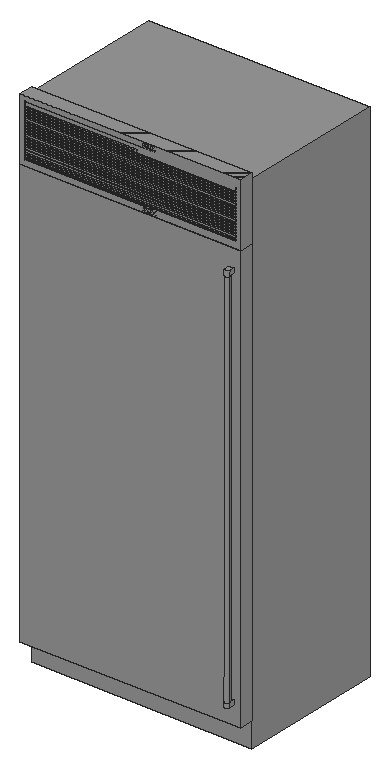
Revit family "BI-36RSPH-LH", category Generic Models, Revit 2014
Reference planes
  plane 1 "Center (Front/Back)": y = 0
  plane 2: z = 0
  plane 3 "Center (Left/Right)": x = 0
  plane 4: z = 2113.6
  plane 5: y = -606.425
  plane 6: y = -665.163
  plane 7: z = 1873.25
  plane 8: z = 101.6
  plane 9: x = 437.2
  plane 10: x = -437.2
Forms (mm)
  Extrusion 1, solid, material "stainless steel brushed"
    sketch origin (0, 0, 0) x (1, 0, 0) y (0, 0, 1)
      loop
        line (-457.2, 2133.6) -> (-457.2, 1873.25) -> (457.2, 1873.25) -> (457.2, 2133.6) -> (-457.2, 2133.6)
      loop
        line (-437.2, 2113.6) -> (-437.2, 1893.25) -> (437.2, 1893.25) -> (437.2, 2113.6) -> (-437.2, 2113.6)
    from 606.425 to 665.163
  Extrusion 2, solid, material "stainless steel brushed"
    sketch origin (0, 0, 0) x (0, 1, 0) y (0, 0, 1)
      loop
        line (-606.425, 2103.589) -> (-606.425, 2108.589) -> (-665.163, 2097.172) -> (-665.163, 2092.172) -> (-606.425, 2103.589)
    from -437.2 to 437.2
  Extrusion 3, solid, material "stainless steel brushed"
    sketch origin (0, 0, -11.88) x (0, 1, 0) y (0, 0, 1)
      loop
        line (-606.425, 2103.589) -> (-606.425, 2108.589) -> (-665.163, 2097.172) -> (-665.163, 2092.172) -> (-606.425, 2103.589)
    from -437.2 to 437.2
  Extrusion 4, solid, material "stainless steel brushed"
    sketch origin (0, 0, -23.76) x (0, 1, 0) y (0, 0, 1)
      loop
        line (-606.425, 2103.589) -> (-606.425, 2108.589) -> (-665.163, 2097.172) -> (-665.163, 2092.172) -> (-606.425, 2103.589)
    from -437.2 to 437.2
  Extrusion 5, solid, material "stainless steel brushed"
    sketch origin (0, 0, -35.64) x (0, 1, 0) y (0, 0, 1)
      loop
        line (-606.425, 2103.589) -> (-606.425, 2108.589) -> (-665.163, 2097.172) -> (-665.163, 2092.172) -> (-606.425, 2103.589)
    from -437.2 to 437.2
  Extrusion 6, solid, material "stainless steel brushed"
    sketch origin (0, 0, -47.52) x (0, 1, 0) y (0, 0, 1)
      loop
        line (-606.425, 2103.589) -> (-606.425, 2108.589) -> (-665.163, 2097.172) -> (-665.163, 2092.172) -> (-606.425, 2103.589)
    from -437.2 to 437.2
  Extrusion 7, solid, material "stainless steel brushed"
    sketch origin (0, 0, -59.4) x (0, 1, 0) y (0, 0, 1)
      loop
        line (-606.425, 2103.589) -> (-606.425, 2108.589) -> (-665.163, 2097.172) -> (-665.163, 2092.172) -> (-606.425, 2103.589)
    from -437.2 to 437.2
  Extrusion 8, solid, material "stainless steel brushed"
    sketch origin (0, 0, -71.28) x (0, 1, 0) y (0, 0, 1)
      loop
        line (-606.425, 2103.589) -> (-606.425, 2108.589) -> (-665.163, 2097.172) -> (-665.163, 2092.172) -> (-606.425, 2103.589)
    from -437.2 to 437.2
  Extrusion 9, solid, material "stainless steel brushed"
    sketch origin (0, 0, -83.159) x (0, 1, 0) y (0, 0, 1)
      loop
        line (-606.425, 2103.589) -> (-606.425, 2108.589) -> (-665.163, 2097.172) -> (-665.163, 2092.172) -> (-606.425, 2103.589)
    from -437.2 to 437.2
  Extrusion 10, solid, material "stainless steel brushed"
    sketch origin (0, 0, -95.039) x (0, 1, 0) y (0, 0, 1)
      loop
        line (-606.425, 2103.589) -> (-606.425, 2108.589) -> (-665.163, 2097.172) -> (-665.163, 2092.172) -> (-606.425, 2103.589)
    from -437.2 to 437.2
  Extrusion 11, solid, material "stainless steel brushed"
    sketch origin (0, 0, -106.919) x (0, 1, 0) y (0, 0, 1)
      loop
        line (-606.425, 2103.589) -> (-606.425, 2108.589) -> (-665.163, 2097.172) -> (-665.163, 2092.172) -> (-606.425, 2103.589)
    from -437.2 to 437.2
  Extrusion 12, solid, material "stainless steel brushed"
    sketch origin (0, 0, -118.799) x (0, 1, 0) y (0, 0, 1)
      loop
        line (-606.425, 2103.589) -> (-606.425, 2108.589) -> (-665.163, 2097.172) -> (-665.163, 2092.172) -> (-606.425, 2103.589)
    from -437.2 to 437.2
  Extrusion 13, solid, material "stainless steel brushed"
    sketch origin (0, 0, -130.679) x (0, 1, 0) y (0, 0, 1)
      loop
        line (-606.425, 2103.589) -> (-606.425, 2108.589) -> (-665.163, 2097.172) -> (-665.163, 2092.172) -> (-606.425, 2103.589)
    from -437.2 to 437.2
  Extrusion 14, solid, material "stainless steel brushed"
    sketch origin (0, 0, -142.559) x (0, 1, 0) y (0, 0, 1)
      loop
        line (-606.425, 2103.589) -> (-606.425, 2108.589) -> (-665.163, 2097.172) -> (-665.163, 2092.172) -> (-606.425, 2103.589)
    from -437.2 to 437.2
  Extrusion 15, solid, material "stainless steel brushed"
    sketch origin (0, 0, -154.439) x (0, 1, 0) y (0, 0, 1)
      loop
        line (-606.425, 2103.589) -> (-606.425, 2108.589) -> (-665.163, 2097.172) -> (-665.163, 2092.172) -> (-606.425, 2103.589)
    from -437.2 to 437.2
  Extrusion 16, solid, material "stainless steel brushed"
    sketch origin (0, 0, -166.319) x (0, 1, 0) y (0, 0, 1)
      loop
        line (-606.425, 2103.589) -> (-606.425, 2108.589) -> (-665.163, 2097.172) -> (-665.163, 2092.172) -> (-606.425, 2103.589)
    from -437.2 to 437.2
  Extrusion 17, solid, material "stainless steel brushed"
    sketch origin (0, 0, -178.199) x (0, 1, 0) y (0, 0, 1)
      loop
        line (-606.425, 2103.589) -> (-606.425, 2108.589) -> (-665.163, 2097.172) -> (-665.163, 2092.172) -> (-606.425, 2103.589)
    from -437.2 to 437.2
  Extrusion 18, solid, material "stainless steel brushed"
    sketch origin (0, 0, -190.079) x (0, 1, 0) y (0, 0, 1)
      loop
        line (-606.425, 2103.589) -> (-606.425, 2108.589) -> (-665.163, 2097.172) -> (-665.163, 2092.172) -> (-606.425, 2103.589)
    from -437.2 to 437.2
  Extrusion 19, solid, material "stainless steel brushed"
    sketch origin (-42.8, -465.147, 0) x (1, 0, 0) y (0, 1, 0)
      loop
        line (-414.4, -141.262) -> (500, -141.262) -> (500, 465.162) -> (-414.4, 465.163) -> (-414.4, -141.262)
    from 0 to 2113.6
  Extrusion 20, solid, material "stainless steel brushed"
    sketch origin (-42.8, -1071.572, 0) x (1, 0, 0) y (0, 1, 0)
      loop
        line (-414.4, 406.425) -> (500, 406.425) -> (500, 465.162) -> (-414.4, 465.163) -> (-414.4, 406.425)
    from 101.6 to 1873.25
  Extrusion 21, solid, material "stainless steel brushed"
    sketch origin (-42.8, -1071.587, 0) x (1, 0, 0) y (0, 1, 0)
      loop
        line (-414.4, 406.425) -> (500, 406.425) -> (500, 465.162) -> (-414.4, 465.163) -> (-414.4, 406.425)
    from 1873.25 to 2133.6
  Extrusion 22, solid, material "stainless steel brushed"
    sketch origin (0, 0.016, 0) x (1, 0, 0) y (0, 0, 1)
      loop
        line (-457.2, 2133.6) -> (-457.2, 1873.25) -> (457.2, 1873.25) -> (457.2, 2133.6) -> (-457.2, 2133.6)
      loop
        line (-437.2, 2113.6) -> (-437.2, 1893.25) -> (437.2, 1893.25) -> (437.2, 2113.6) -> (-437.2, 2113.6)
    from 606.425 to 665.163
  Extrusion 23, solid, material "stainless steel brushed"
    sketch origin (0, 0.016, 0) x (0, 1, 0) y (0, 0, 1)
      loop
        line (-606.425, 2103.589) -> (-606.425, 2108.589) -> (-665.163, 2097.172) -> (-665.163, 2092.172) -> (-606.425, 2103.589)
    from -437.2 to 437.2
  Extrusion 24, solid, material "stainless steel brushed"
    sketch origin (0, 0.016, -11.88) x (0, 1, 0) y (0, 0, 1)
      loop
        line (-606.425, 2103.589) -> (-606.425, 2108.589) -> (-665.163, 2097.172) -> (-665.163, 2092.172) -> (-606.425, 2103.589)
    from -437.2 to 437.2
  Extrusion 25, solid, material "stainless steel brushed"
    sketch origin (0, 0.016, -23.76) x (0, 1, 0) y (0, 0, 1)
      loop
        line (-606.425, 2103.589) -> (-606.425, 2108.589) -> (-665.163, 2097.172) -> (-665.163, 2092.172) -> (-606.425, 2103.589)
    from -437.2 to 437.2
  Extrusion 26, solid, material "stainless steel brushed"
    sketch origin (0, 0.016, -35.64) x (0, 1, 0) y (0, 0, 1)
      loop
        line (-606.425, 2103.589) -> (-606.425, 2108.589) -> (-665.163, 2097.172) -> (-665.163, 2092.172) -> (-606.425, 2103.589)
    from -437.2 to 437.2
  Extrusion 27, solid, material "stainless steel brushed"
    sketch origin (0, 0.016, -47.52) x (0, 1, 0) y (0, 0, 1)
      loop
        line (-606.425, 2103.589) -> (-606.425, 2108.589) -> (-665.163, 2097.172) -> (-665.163, 2092.172) -> (-606.425, 2103.589)
    from -437.2 to 437.2
  Extrusion 28, solid, material "stainless steel brushed"
    sketch origin (0, 0.016, -59.4) x (0, 1, 0) y (0, 0, 1)
      loop
        line (-606.425, 2103.589) -> (-606.425, 2108.589) -> (-665.163, 2097.172) -> (-665.163, 2092.172) -> (-606.425, 2103.589)
    from -437.2 to 437.2
  Extrusion 29, solid, material "stainless steel brushed"
    sketch origin (0, 0.016, -71.28) x (0, 1, 0) y (0, 0, 1)
      loop
        line (-606.425, 2103.589) -> (-606.425, 2108.589) -> (-665.163, 2097.172) -> (-665.163, 2092.172) -> (-606.425, 2103.589)
    from -437.2 to 437.2
  Extrusion 30, solid, material "stainless steel brushed"
    sketch origin (0, 0.016, -83.159) x (0, 1, 0) y (0, 0, 1)
      loop
        line (-606.425, 2103.589) -> (-606.425, 2108.589) -> (-665.163, 2097.172) -> (-665.163, 2092.172) -> (-606.425, 2103.589)
    from -437.2 to 437.2
  Extrusion 31, solid, material "stainless steel brushed"
    sketch origin (0, 0.016, -95.039) x (0, 1, 0) y (0, 0, 1)
      loop
        line (-606.425, 2103.589) -> (-606.425, 2108.589) -> (-665.163, 2097.172) -> (-665.163, 2092.172) -> (-606.425, 2103.589)
    from -437.2 to 437.2
  Extrusion 32, solid, material "stainless steel brushed"
    sketch origin (0, 0.016, -106.919) x (0, 1, 0) y (0, 0, 1)
      loop
        line (-606.425, 2103.589) -> (-606.425, 2108.589) -> (-665.163, 2097.172) -> (-665.163, 2092.172) -> (-606.425, 2103.589)
    from -437.2 to 437.2
  Extrusion 33, solid, material "stainless steel brushed"
    sketch origin (0, 0.016, -118.799) x (0, 1, 0) y (0, 0, 1)
      loop
        line (-606.425, 2103.589) -> (-606.425, 2108.589) -> (-665.163, 2097.172) -> (-665.163, 2092.172) -> (-606.425, 2103.589)
    from -437.2 to 437.2
  Extrusion 34, solid, material "stainless steel brushed"
    sketch origin (0, 0.016, -130.679) x (0, 1, 0) y (0, 0, 1)
      loop
        line (-606.425, 2103.589) -> (-606.425, 2108.589) -> (-665.163, 2097.172) -> (-665.163, 2092.172) -> (-606.425, 2103.589)
    from -437.2 to 437.2
  Extrusion 35, solid, material "stainless steel brushed"
    sketch origin (0, 0.016, -142.559) x (0, 1, 0) y (0, 0, 1)
      loop
        line (-606.425, 2103.589) -> (-606.425, 2108.589) -> (-665.163, 2097.172) -> (-665.163, 2092.172) -> (-606.425, 2103.589)
    from -437.2 to 437.2
  Extrusion 36, solid, material "stainless steel brushed"
    sketch origin (0, 0.016, -154.439) x (0, 1, 0) y (0, 0, 1)
      loop
        line (-606.425, 2103.589) -> (-606.425, 2108.589) -> (-665.163, 2097.172) -> (-665.163, 2092.172) -> (-606.425, 2103.589)
    from -437.2 to 437.2
  Extrusion 37, solid, material "stainless steel brushed"
    sketch origin (0, 0.016, -166.319) x (0, 1, 0) y (0, 0, 1)
      loop
        line (-606.425, 2103.589) -> (-606.425, 2108.589) -> (-665.163, 2097.172) -> (-665.163, 2092.172) -> (-606.425, 2103.589)
    from -437.2 to 437.2
  Extrusion 38, solid, material "stainless steel brushed"
    sketch origin (0, 0.016, -178.199) x (0, 1, 0) y (0, 0, 1)
      loop
        line (-606.425, 2103.589) -> (-606.425, 2108.589) -> (-665.163, 2097.172) -> (-665.163, 2092.172) -> (-606.425, 2103.589)
    from -437.2 to 437.2
  Extrusion 39, solid, material "stainless steel brushed"
    sketch origin (0, 0.016, -190.079) x (0, 1, 0) y (0, 0, 1)
      loop
        line (-606.425, 2103.589) -> (-606.425, 2108.589) -> (-665.163, 2097.172) -> (-665.163, 2092.172) -> (-606.425, 2103.589)
    from -437.2 to 437.2
  Extrusion 40, solid, material "stainless steel polished"
    sketch origin (0, -7.508, 0) x (-1, 0, 0) y (0, -1, 0)
      loop
        circle (-419.016, 680.135) r 10
    from 196.6 to 1778.214
  Extrusion 41, solid, material "stainless steel polished"
    sketch origin (0, 0, 0) x (-1, 0, 0) y (0, -1, 0)
      loop
        line (-429.016, 687.643) -> (-429.016, 665.147) -> (-409.016, 665.147) -> (-409.016, 687.643)
        arc (-409.016, 687.643) -> (-419.016, 697.643) -> (-429.016, 687.643) r 10
    from 176.96 to 196.6
  Extrusion 42, solid, material "stainless steel polished"
    sketch origin (0, 0, 0) x (-1, 0, 0) y (0, -1, 0)
      loop
        line (-429.016, 687.643) -> (-429.016, 665.147) -> (-409.016, 665.147) -> (-409.016, 687.643)
        arc (-409.016, 687.643) -> (-419.016, 697.643) -> (-429.016, 687.643) r 10
    from 1778.214 to 1798.167
Dimensions and locks
  plane 4 to level = 2113.6 mm
  plane 5 to plane 1 "Center (Front/Back)" = 606.425 mm
  plane 7 to level = 1873.25 mm
  plane 8 to level = 101.6 mm
  aligned and locked: level to plane 2
  aligned and locked: plane 9 to Extrusion 2
  aligned and locked: plane 9 to Extrusion 3
  aligned and locked: plane 9 to Extrusion 4
  aligned and locked: plane 9 to Extrusion 5
  aligned and locked: plane 9 to Extrusion 6
  aligned and locked: plane 9 to Extrusion 7
  aligned and locked: plane 9 to Extrusion 8
  aligned and locked: plane 9 to Extrusion 9
  aligned and locked: plane 9 to Extrusion 10
  aligned and locked: plane 9 to Extrusion 11
  aligned and locked: plane 9 to Extrusion 12
  aligned and locked: plane 9 to Extrusion 13
  aligned and locked: plane 9 to Extrusion 15
  aligned and locked: plane 9 to Extrusion 14
  aligned and locked: plane 9 to Extrusion 16
  aligned and locked: plane 9 to Extrusion 17
  aligned and locked: Extrusion 2 to plane 10
  aligned and locked: Extrusion 5 to plane 10
  aligned and locked: Extrusion 7 to plane 10
  aligned and locked: Extrusion 3 to plane 10
  aligned and locked: Extrusion 6 to plane 10
  aligned and locked: Extrusion 4 to plane 10
  aligned and locked: Extrusion 8 to plane 10
  aligned and locked: Extrusion 9 to plane 10
  aligned and locked: Extrusion 10 to plane 10
  aligned and locked: Extrusion 11 to plane 10
  aligned and locked: Extrusion 12 to plane 10
  aligned and locked: Extrusion 13 to plane 10
  aligned and locked: Extrusion 14 to plane 10
  aligned and locked: Extrusion 15 to plane 10
  aligned and locked: Extrusion 16 to plane 10
  aligned and locked: Extrusion 17 to plane 10
  aligned and locked: Extrusion 18 to plane 10
  aligned and locked: plane 9 to Extrusion 18
